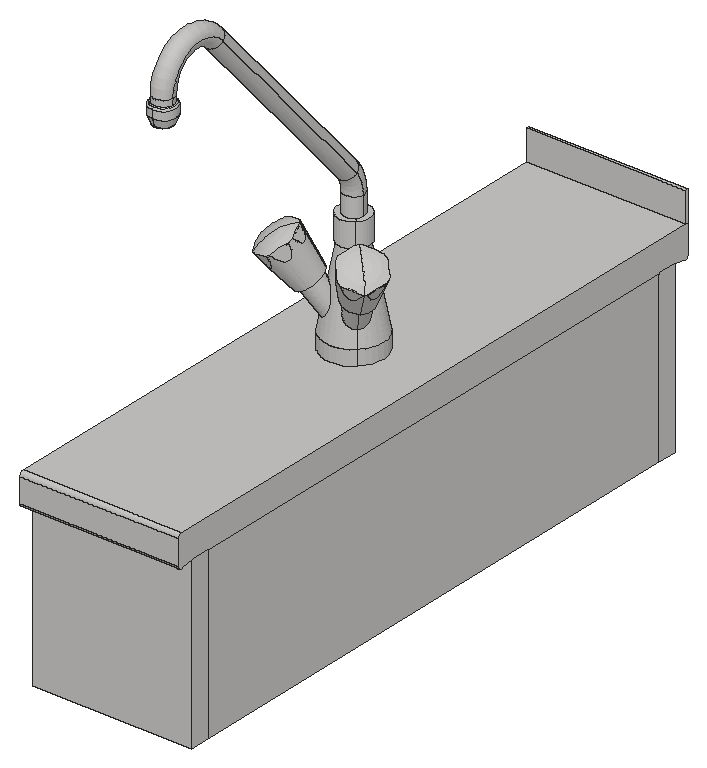
Revit family "QF_ELECTROLUXPROFESSIONAL_588101_MAEBBBBOOO", category Attrezzature speciali, Revit 2020
Family settings
  Quota connettore circolare = Usa diametro
  Tipo di parte = Normale
  Basato su piano di lavoro = No
  Sempre verticale = Sì
  Taglio con vuoti quando caricato = No
  Condiviso = No
  Punto di calcolo locali = No
Parameters (values of type "Standard")
  Weight = 13.50 kg
  Watts = 0 W
  Volts = 0 V
  URL Manufacturer = "https://www.electroluxprofessional.com/"
  URL = "https://www.electroluxprofessional.com/"
  Steam Supply Size = 0"
  Steam Supply Minimum Pressure = 0.00 psi
  Steam Supply Maximum Pressure = 0.00 psi
  Steam Consumption per Hour = 0
  Refrigeration Suction Line Size = 0 mm
  Refrigeration Liquid Line Size = 0 mm
  Refrigerant Compressor Remote = yes
  Prospetto di default = 0 mm
  Phase = 0
  Modello = "MAEBBBBOOO"
  Produttore = "Electrolux Professional"
  Length Actual = 200 mm  # constant formula
  Item Number = "588101"
  Hot Water Size = 0"
  Height Actual = 250 mm  # constant formula
  HP = "0 HP"
  Gas Size = 0"
  Gas KW = 0
  Gas Input Pressure = 0.0 Btu/h
  Direct Waste Size = 0"
  Descrizione = "WATER MIXING TAP,KNOBS,1S,BS,200X800X250"
  Depth Actual = 800 mm  # constant formula
  Cycle = 0 Hz
  Condensate Return Size = 0"
  Compressed Air Volume = 0 GPM
  Compressed Air Size = 0"
  Compressed Air Pressure = 0.00 psi
  Cold Water Size = 0"
  Accessory = yes
Reference planes
  plane 1 "BACK": y = 50
  plane 2: z = 0
  plane 3 "LEFT": x = 0
  plane 4 "RIGHT": x = 200
  plane 5 "FRONT": y = -750
  plane 6 "TOP": z = 900
  plane 7 "Center (Left/Right)": x = 100
  plane 8: y = -350
  plane 9 "Base": z = 650
  plane 10: z = 1375
  plane 11: x = 78
  plane 12 "HWCWx": x = 145
  plane 13 "HWCWy": y = -373
  plane 14: z = 1285
  plane 15: y = -366.65
  plane 16: y = -379.35
  plane 17 "Panel": y = -705
Forms (mm)
  Extrusion 1, solid, material "QF_Finishes_Stainless Steel"
    sketch origin (-178.969, -4572, 650) x (-1, 0, 0) y (0, -1, 0)
      loop
        line (-178.969, -4577) -> (-178.969, -3867) -> (-378.969, -3867) -> (-378.969, -4577) -> (-178.969, -4577)
    from 0 to 212.969
  Extrusion 2, solid, material "QF_Finishes_Stainless Steel"
    sketch origin (100, 296.4, 1219.2) x (0, 1, 0) y (0, 0, 1)
      loop
        line (-246.4, -319.2) -> (-1041.4, -319.2)
        arc (-1041.4, -319.2) -> (-1044.935, -320.664) -> (-1046.4, -324.2) r 5
        line (-1046.4, -324.2) -> (-1046.4, -355.2)
        arc (-1046.4, -355.2) -> (-1044.971, -358.264) -> (-1041.705, -359.139) r 4
        line (-1041.705, -359.139) -> (-1026.4, -356.231) -> (-266.4, -356.231) -> (-251.094, -359.139)
        arc (-251.094, -359.139) -> (-247.829, -358.264) -> (-246.4, -355.2) r 4
        line (-246.4, -355.2) -> (-246.4, -319.2)
    from -100 to 100
  Extrusion 3, solid, material "QF_Finishes_Stainless Steel"
    sketch origin (-178.969, -4572, 650) x (-1, 0, 0) y (0, -1, 0)
      loop
        line (-178.969, -4577) -> (-178.969, -3867) -> (-378.969, -3867) -> (-378.969, -4577) -> (-178.969, -4577)
    from 212.969 to 0
  Extrusion 4, solid, material "QF_Finishes_Stainless Steel"
    sketch origin (400, 296.4, 1219.2) x (0, 1, 0) y (0, 0, 1)
      loop
        line (-249.4, -319.2) -> (-246.4, -319.2) -> (-246.4, -281.2) -> (-249.4, -281.2) -> (-249.4, -319.2)
    from -400 to -200
  Extrusion 5, solid, material "QF_Finishes_Stainless Steel"
    sketch origin (100, 296.4, 1219.2) x (0, 1, 0) y (0, 0, 1)
      loop
        line (-1026.4, -569.2) -> (-1001.4, -569.2) -> (-1001.4, -356.231) -> (-1026.4, -356.231) -> (-1026.4, -569.2)
    from -100 to 100
  Extrusion 6, solid, material "QF_Finishes_Stainless Steel"
    sketch origin (-178.969, -4522, 650) x (-1, 0, 0) y (0, -1, 0)
      loop
        circle (-323.969, -4155.35) r 6.35
    from 0 to -12
  Extrusion 7, solid, material "QF_Finishes_Stainless Steel"
    sketch origin (-176.398, -4524.007, 650) x (-1, 0, 0) y (0, -1, 0)
      loop
        circle (-321.398, -4144.657) r 6.35
    from 0 to -12
  Extrusion 8, solid, material "QF_Finishes_Stainless Steel"
    sketch origin (100, 296.4, 1219.2) x (0, 1, 0) y (0, 0, 1)
      loop
        line (-291.4, -569.2) -> (-266.4, -569.2) -> (-266.4, -356.231) -> (-291.4, -356.231) -> (-291.4, -569.2)
    from 100 to -100
Lines and regions (mm)
  symbolic lines
    curve 1: line (0, 50, 650) -> (200, 50, 650)
    curve 2: line (0, -750, 650) -> (0, 50, 650)
    curve 3: line (200, -750, 650) -> (0, -750, 650)
    curve 4: line (200, 50, 650) -> (200, -750, 650)
    curve 5: line (0, 47, 0) -> (200, 47, 0)
Dimensions and locks
  plane 3 "LEFT" to plane 4 "RIGHT" = 200 mm
  plane 5 "FRONT" to plane 1 "BACK" = 800 mm
  equal spacing: plane 3 "LEFT", plane 7 "Center (Left/Right)", plane 4 "RIGHT"
  equal spacing: plane 5 "FRONT", plane 8, plane 1 "BACK"
  plane 6 "TOP" to level = 900 mm  (x2)
  plane 9 "Base" to level = 650 mm
  plane 6 "TOP" to plane 9 "Base" to level = 250 mm, 650 mm
  plane 1 "BACK" to plane 5 "FRONT" = 800 mm
  plane 10 to plane 6 "TOP" = 475 mm
  plane 11 to plane 3 "LEFT" = 78 mm
  plane 12 "HWCWx" to plane 4 "RIGHT" = 55 mm
  plane 13 "HWCWy" to plane 1 "BACK" = 423 mm
  plane 14 to plane 6 "TOP" = 385 mm
  plane 15 to plane 13 "HWCWy" = 6.35 mm
  plane 13 "HWCWy" to plane 16 = 6.35 mm
  locked: plane 17 "Panel" to plane 5 "FRONT" at 45
  aligned and locked: level to plane 2
  aligned and locked: nested 1 to plane 8
Automatic sketch dimensions
  Extrusion 1 sketch curve to plane 4 "RIGHT" = 0 mm
  Extrusion 1 sketch curve to plane 3 "LEFT" = 0 mm
  plane 1 "BACK" to Extrusion 1 sketch curve = 45 mm
  plane 1 "BACK" to curve 1 = 0 mm
  plane 5 "FRONT" to curve 3 = 0 mm
  Extrusion 2 sketch curve to plane 5 "FRONT" = 0 mm
  Extrusion 2 sketch curve to plane 6 "TOP" = 0 mm
  Extrusion 2 sketch curve to plane 1 "BACK" = 0 mm
  Extrusion 2 sketch curve to Extrusion 2 sketch curve = 4 mm
  Extrusion 2 sketch curve to Extrusion 2 sketch curve = 0.695 mm
  Extrusion 2 sketch curve to plane 5 "FRONT" = 5 mm
  Extrusion 2 sketch curve to Extrusion 2 sketch curve = 15.305 mm
  plane 1 "BACK" to Extrusion 2 sketch curve = 20 mm
  plane 1 "BACK" to Extrusion 2 sketch curve = 4.695 mm
  plane 1 "BACK" to Extrusion 2 sketch curve = 4 mm
  Extrusion 2 sketch curve to Extrusion 2 sketch curve = 31 mm
  Extrusion 2 sketch curve to Extrusion 2 sketch curve = 36 mm
  Extrusion 2 sketch curve to Extrusion 2 sketch curve = 2.909 mm
  Extrusion 3 sketch curve to plane 4 "RIGHT" = 0 mm
  Extrusion 3 sketch curve to plane 3 "LEFT" = 0 mm
  plane 1 "BACK" to Extrusion 3 sketch curve = 45 mm
  Extrusion 4 sketch curve to plane 6 "TOP" = 0 mm
  Extrusion 4 sketch curve to plane 1 "BACK" = 0 mm
  plane 1 "BACK" to Extrusion 4 sketch curve = 3 mm
  plane 6 "TOP" to Extrusion 4 sketch curve = 38 mm
  curve 5 to plane 3 "LEFT" = 0 mm
  curve 5 to plane 4 "RIGHT" = 0 mm
  plane 1 "BACK" to curve 5 = 3 mm
  curve 1 to plane 4 "RIGHT" = 0 mm
  curve 3 to plane 3 "LEFT" = 0 mm
  Extrusion 6 sketch curve to plane 12 "HWCWx" = 0 mm
  Extrusion 6 sketch curve to plane 15 = 0 mm
  plane 12 "HWCWx" to Extrusion 7 sketch curve = 0 mm
  plane 16 to Extrusion 7 sketch curve = 0 mm
  Extrusion 8 sketch curve to plane 9 "Base" = 0 mm
  plane 1 "BACK" to Extrusion 8 sketch curve = 45 mm
  plane 1 "BACK" to Extrusion 8 sketch curve = 20 mm
  Extrusion 8 sketch curve to plane 6 "TOP" = 37.031 mm
  Extrusion 1 sketch curve to plane 17 "Panel" = 0 mm
  Extrusion 3 sketch curve to plane 17 "Panel" = 0 mm
  Extrusion 5 sketch curve to plane 9 "Base" = 0 mm
  Extrusion 5 sketch curve to plane 17 "Panel" = 0 mm
  Extrusion 5 sketch curve to plane 5 "FRONT" = 20 mm
  Extrusion 5 sketch curve to plane 6 "TOP" = 37.031 mm
  radius of Extrusion 6 sketch curve = 6.35 mm
  radius of Extrusion 7 sketch curve = 6.35 mm
Nested families
  nested 1: "Rub2manop" at (100, -350, 900), type "Rub2manop"
Connectors
  piping at (145, -366.65, 638), diameter 12.7
    settings: on Extrusion 6, index 1, connector inside diameter 24", connector length 0 mm, flow factor 0, pipe flow 0 GPM, pressure drop 0.00 psi, fitting loss kfactor 0, connector angle 0.00°, fixture units 0, engagement length 0 mm, angle of deflection 0.00°, flow configuration 1, flow direction 1, fitting loss method 0, system type 19, joint type 0, gender type 0, connector reference index -1, connector utility 0, adjustable connector no, is connector primary yes, connector description "Cold Water Inlet"
  piping at (145, -379.35, 638), diameter 12.7
    settings: on Extrusion 7, index 2, connector inside diameter 24", connector length 0 mm, flow factor 0, pipe flow 0 GPM, pressure drop 0.00 psi, fitting loss kfactor 0, connector angle 0.00°, fixture units 0, engagement length 0 mm, angle of deflection 0.00°, flow configuration 1, flow direction 1, fitting loss method 0, system type 20, joint type 0, gender type 0, connector reference index -1, connector utility 0, adjustable connector no, is connector primary no, connector description "Cold Water Inlet"
Definition of nested family "Rub2manop"
  Parameters
    Default Elevation = 0 mm
  Reference planes
    plane 1 "Center (Front/Back)": y = 0
    plane 2: z = 0
    plane 3 "Center (Left/Right)": x = 0
    plane 4: through (0, -1.816, 19.983) normal (0, 0.829, 0.5592)
    plane 5: through (0, 1.816, 19.983) normal (0, 0.829, -0.5592)
    plane 6: z = 475
    plane 7: z = 385
    plane 8: y = -300
  Forms (mm)
    Revolve 1, solid
      sketch origin (0, 0, 0) x (0.707107, -0.707107, 0) y (0, 0, 1)
        loop
          line (-37.178, 0) -> (0, 0) -> (0, 152.75) -> (-20, 152.75) -> (-20, 122.711) -> (-16.973, 122.711) -> (-37.178, 18.761) -> (-37.178, 0)
        axis (0, 152.75) -> (0, 0)
      angle from 0 to 360
    Sweep 2, solid
      path origin (0, 0, 70) x (0, 1, 0) y (0, 0, 1)
        loop
          line (0, 82.75) -> (0, 107.023)
          arc (0, 107.023) -> (-2.868, 122.832) -> (-11.107, 136.626) r 45
          line (-11.107, 136.626) -> (-221.159, 377.123)
          arc (-221.159, 377.123) -> (-270.846, 389.579) -> (-300, 347.461) r 45
          line (-300, 347.461) -> (-300, 340)
      profile origin (0, 0, 164.887) x (0, -1, 0) y (1, 0, 0)
        loop
          circle (0, 0) r 12.5
    Revolve 3, solid
      sketch origin (0, 49.999, 152.116) x (0, 1, 0) y (0, 0, 1)
        loop
          line (-333.717, 244.264) -> (-333.717, 254.236)
          arc (-333.717, 254.236) -> (-334.434, 255.758) -> (-335.779, 256.77) r 3.5
          line (-335.779, 256.77) -> (-336.499, 257.884) -> (-349.999, 257.884) -> (-349.999, 233.05) -> (-339.2, 233.05)
          arc (-339.2, 233.05) -> (-338.052, 233.411) -> (-337.32, 234.365) r 2
          line (-337.32, 234.365) -> (-333.717, 244.264)
        axis (-349.999, 257.884) -> (-349.999, 233.05)
      angle from 0 to 360
    Revolve 4, solid
      sketch origin (6.565, -6.565, 13.502) x (-0.703233, 0.703233, -0.104528) y (0.073913, -0.073913, -0.994522)
        loop
          line (-12.287, -29.236) -> (-83.426, -114.015)
          arc (-83.426, -114.015) -> (-71.241, -121.894) -> (-57.494, -126.538) r 58.601
          line (-57.494, -126.538) -> (-27.071, -77.85) -> (-30.606, -74.315) -> (-1.681, -39.843) -> (-12.287, -29.236)
        axis (-12.287, -29.236) -> (-83.426, -114.015)
      angle from 0 to 360
    Extrusion 5, void
      sketch origin (-64.308, 64.308, 82.551) x (-0.707107, -0.707107, 0) y (0.586218, -0.586218, -0.559193)
        loop
          line (0, 82.664) -> (25.311, 97.277) -> (25.311, 126.504) -> (0, 141.117) -> (-25.311, 126.504) -> (-25.311, 97.277) -> (0, 82.664)
        loop
          line (-35, 73.481) -> (35, 73.481) -> (35, 150.258) -> (-35, 150.258) -> (-35, 73.481)
      from 99.488 to 151.47
    Revolve 6, solid
      sketch origin (-6.565, -6.565, 13.502) x (0.703233, 0.703233, -0.104528) y (0.073913, 0.073913, 0.994522)
        loop
          line (-12.287, 29.236) -> (-1.681, 39.843) -> (-30.606, 74.315) -> (-27.071, 77.85) -> (-57.494, 126.538)
          arc (-57.494, 126.538) -> (-71.241, 121.894) -> (-83.426, 114.015) r 58.601
          line (-83.426, 114.015) -> (-12.287, 29.236)
        axis (-12.287, 29.236) -> (-83.426, 114.015)
      angle from 0 to 360
    Extrusion 7, void
      sketch origin (64.308, 64.308, 82.551) x (0.707107, -0.707107, 0) y (0.586218, 0.586218, 0.559193)
        loop
          line (0, -82.664) -> (-25.311, -97.277) -> (-25.311, -126.504) -> (0, -141.117) -> (25.311, -126.504) -> (25.311, -97.277) -> (0, -82.664)
        loop
          line (-35, -73.481) -> (-35, -150.258) -> (35, -150.258) -> (35, -73.481) -> (-35, -73.481)
      from 99.488 to 151.47
  Cuts and joins
    Extrusion 5, Extrusion 7 cuts Revolve 4
    Extrusion 7 cuts Revolve 6
    joined: Revolve 1, Revolve 4, Revolve 6
  Lines and regions (mm)
    symbolic lines
      curve 1: arc (-12.5, -300, 0) -> (0, -312.5, 0) -> (12.5, -300, 0) r 12.5
      curve 2: arc (-12.5, -289.567, 0) -> (0, -316.282, 0) -> (12.5, -289.567, 0) r 16.282
      curve 3: line (12.5, -300, 0) -> (12.5, -35, 0)
      curve 4: line (-12.5, -300, 0) -> (-12.5, -36.463, 0)
      curve 5: arc (-12.5, -15.612, 0) -> (0, 20, 0) -> (12.5, -15.612, 0) r 20
      curve 6: arc (-35.645, -10.568, 0) -> (2.287, 37.108, 0) -> (34.078, -14.864, 0) r 37.178
      curve 7: spline (13.228, -34.745, 0) -> (13.239, -35.559, 0) -> (13.288, -36.365, 0) -> (13.374, -37.16, 0) -> (13.497, -37.944, 0) -> (13.657, -38.715, 0) -> (13.855, -39.47, 0) -> (14.088, -40.21, 0) -> (14.358, -40.932, 0) -> (14.663, -41.634, 0) -> (15.002, -42.315, 0) -> (15.376, -42.975, 0) -> (15.782, -43.611, 0)
      curve 8: spline (43.611, -15.782, 0) -> (40.794, -14.303, 0) -> (37.644, -13.445, 0) -> (34.273, -13.239, 0) -> (30.803, -13.693, 0) -> (27.359, -14.79, 0) -> (24.066, -16.49, 0) -> (21.041, -18.733, 0) -> (18.395, -21.437, 0) -> (16.223, -24.505, 0) -> (14.602, -27.827, 0) -> (13.592, -31.282, 0) -> (13.228, -34.745, 0)
      curve 9: line (13.228, -34.745, 0) -> (7.861, -29.378, 0)
      curve 10: line (34.644, -13.493, 0) -> (29.195, -8.044, 0)
      curve 11: arc (29.195, -8.044, 0) -> (15.24, -15.423, 0) -> (7.861, -29.378, 0) r 26.795
      curve 12: line (43.611, -15.782, 0) -> (63.195, -27.4, 0)
      curve 13: line (63.195, -27.4, 0) -> (78.806, -43.011, 0)
      curve 14: line (43.011, -78.806, 0) -> (27.319, -63.114, 0)
      curve 15: line (27.319, -63.114, 0) -> (15.782, -43.611, 0)
      curve 16: line (29.21, -65.005, 0) -> (28.397, -59.939, 0)
      curve 17: line (35.372, -40.158, 0) -> (40.158, -35.372, 0)
      curve 18: line (59.939, -28.397, 0) -> (65.005, -29.21, 0)
      curve 19: line (59.939, -28.397, 0) -> (40.158, -35.372, 0)
      curve 20: line (35.372, -40.158, 0) -> (28.397, -59.939, 0)
      curve 21: line (59.939, -28.397, 0) -> (53.555, -26.199, 0)
      curve 22: line (53.555, -26.199, 0) -> (47.458, -25.233, 0)
      curve 23: arc (47.458, -25.233, 0) -> (42.154, -26.754, 0) -> (39.911, -31.794, 0) r 6.527
      curve 24: line (39.911, -31.794, 0) -> (40.158, -35.372, 0)
      curve 25: line (28.397, -59.939, 0) -> (26.199, -53.555, 0)
      curve 26: line (26.199, -53.555, 0) -> (25.233, -47.458, 0)
      curve 27: arc (25.233, -47.458, 0) -> (26.754, -42.154, 0) -> (31.794, -39.911, 0) r 6.527
      curve 28: line (31.794, -39.911, 0) -> (35.372, -40.158, 0)
      curve 29: line (69.215, -71.475, 0) -> (71.475, -69.215, 0)
      curve 30: arc (78.806, -43.011, 0) -> (77.308, -56.719, 0) -> (71.475, -69.215, 0) r 42.239
      curve 31: arc (43.011, -78.806, 0) -> (56.719, -77.308, 0) -> (69.215, -71.475, 0) r 42.239
      curve 32: spline (-13.228, -34.745, 0) -> (-13.239, -35.559, 0) -> (-13.288, -36.365, 0) -> (-13.374, -37.16, 0) -> (-13.497, -37.944, 0) -> (-13.657, -38.715, 0) -> (-13.855, -39.47, 0) -> (-14.088, -40.21, 0) -> (-14.358, -40.932, 0) -> (-14.663, -41.634, 0) -> (-15.002, -42.315, 0) -> (-15.376, -42.975, 0) -> (-15.782, -43.611, 0)
      curve 33: spline (-43.611, -15.782, 0) -> (-40.794, -14.303, 0) -> (-37.644, -13.445, 0) -> (-34.273, -13.239, 0) -> (-30.803, -13.693, 0) -> (-27.359, -14.79, 0) -> (-24.066, -16.49, 0) -> (-21.041, -18.733, 0) -> (-18.395, -21.437, 0) -> (-16.223, -24.505, 0) -> (-14.602, -27.827, 0) -> (-13.592, -31.282, 0) -> (-13.228, -34.745, 0)
      curve 34: line (-13.228, -34.745, 0) -> (-7.861, -29.378, 0)
      curve 35: line (-34.386, -13.235, 0) -> (-29.195, -8.044, 0)
      curve 36: arc (-29.195, -8.044, 0) -> (-15.24, -15.423, 0) -> (-7.861, -29.378, 0) r 26.795
      curve 37: line (-43.611, -15.782, 0) -> (-63.195, -27.4, 0)
      curve 38: line (-63.195, -27.4, 0) -> (-78.806, -43.011, 0)
      curve 39: line (-43.011, -78.806, 0) -> (-27.319, -63.114, 0)
      curve 40: line (-27.319, -63.114, 0) -> (-15.782, -43.611, 0)
      curve 41: line (-29.21, -65.005, 0) -> (-28.397, -59.939, 0)
      curve 42: line (-35.372, -40.158, 0) -> (-40.158, -35.372, 0)
      curve 43: line (-59.939, -28.397, 0) -> (-65.005, -29.21, 0)
      curve 44: line (-59.939, -28.397, 0) -> (-40.158, -35.372, 0)
      curve 45: line (-35.372, -40.158, 0) -> (-28.397, -59.939, 0)
      curve 46: line (-59.939, -28.397, 0) -> (-53.555, -26.199, 0)
      curve 47: line (-53.555, -26.199, 0) -> (-47.458, -25.233, 0)
      curve 48: arc (-47.458, -25.233, 0) -> (-42.154, -26.754, 0) -> (-39.911, -31.794, 0) r 6.527
      curve 49: line (-39.911, -31.794, 0) -> (-40.158, -35.372, 0)
      curve 50: line (-28.397, -59.939, 0) -> (-26.199, -53.555, 0)
      curve 51: line (-26.199, -53.555, 0) -> (-25.233, -47.458, 0)
      curve 52: arc (-25.233, -47.458, 0) -> (-26.754, -42.154, 0) -> (-31.794, -39.911, 0) r 6.527
      curve 53: line (-31.794, -39.911, 0) -> (-35.372, -40.158, 0)
      curve 54: line (-69.215, -71.475, 0) -> (-71.475, -69.215, 0)
      curve 55: arc (-78.806, -43.011, 0) -> (-77.308, -56.719, 0) -> (-71.475, -69.215, 0) r 42.239
      curve 56: arc (-43.011, -78.806, 0) -> (-56.719, -77.308, 0) -> (-69.215, -71.475, 0) r 42.239
      curve 57: spline (12.5, -221.159, 0) -> (12.074, -218.727, 0) -> (10.825, -216.459, 0) -> (8.839, -214.513, 0) -> (6.25, -213.019, 0) -> (3.235, -212.08, 0) -> (0, -211.759, 0) -> (-3.235, -212.08, 0) -> (-6.25, -213.019, 0) -> (-8.839, -214.513, 0) -> (-10.825, -216.459, 0) -> (-12.074, -218.727, 0) -> (-12.5, -221.159, 0)
      curve 58: arc (-12.5, 0, 0) -> (0, 12.5, 0) -> (12.5, 0, 0) r 12.5
      curve 59: arc (-12.001, -12.001, 0) -> (0, 16.973, 0) -> (12.001, -12.001, 0) r 16.973
      curve 60: line (-12.5, -18.633, 0) -> (-12.5, 0, 0)
      curve 61: line (12.5, -18.633, 0) -> (12.5, 0, 0)
  Dimensions and locks
    plane 7 to level = 385 mm
    plane 6 to level = 475 mm
    plane 1 "Center (Front/Back)" to plane 8 = 300 mm
    aligned and locked: level to plane 2
